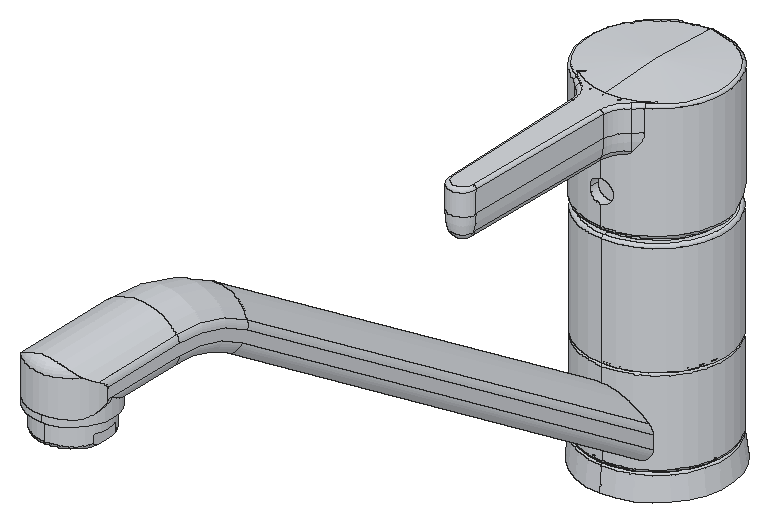
Revit family "Faucet-Kitchen-KOHLER-Viteo-45726W_1", category Plumbing Fixtures, host Face, Revit 2017
Family settings
  Host = Face
  Round Connector Dimension = Use Diameter
  Part Type = Normal
  OmniClass Number = 23.31.11.00
  OmniClass Title = Faucets
  Cut with Voids When Loaded = No
  Shared = No
  Room Calculation Point = No
Parameters (values of type "CP-Polished Chrome")
  Width = 1 119/128"  # constant formula
  WaterSense Certified = 1 = 0  # no
  Waste Water Outlet = "Waste Water Outlet"  # constant formula
  Waste Connection = 1 = 0  # no
  Vent Connection = 1 = 0  # no
  URL = "https://www.kohler.co.uk/"
  Type = 1
  Spout Reach = 9 27/32"  # constant formula
  Product Page URL = "https://www.kohler.co.uk/kitchen-taps/single-lever-tap/viteo-single-lever-tap/"
  Product Name = "Viteo"  # constant formula
  Product Documentation Link = ""
  Pressure = 0.00 psi
  Model = "45726W-4-CP"  # constant formula
  Material = "Premium Metal Construction"  # constant formula
  Master Format 2014 Name = "Residential Faucets, Supplies, and Trim"  # constant formula
  Master Format 2014 = "22 41 39"  # constant formula
  Manufacturer Address = "Cromwell Road, Cheltenham, Gloucestershire. GL52 5EP Registered in England No. 252115"  # constant formula
  Manufacturer = "KOHLER Co."  # constant formula
  Length = Spout Reach  # 9 27/32"
  Hot Water Inlet = "Hot Water Inlet"  # constant formula
  Height = 5 191/256"  # constant formula
  Handle Clearance = 3 29/64"  # constant formula
  HW Connection = 1 = 1  # yes
  Flow Rate = 0 GPM
  Finish = Kohler-Metal-CP-Polished_Chrome
  Environmental Product Declaration = ""
  Drain Included = 1 = 0  # no
  Description = "single-lever tap"  # constant formula
  Default Elevation = 36"
  Declare Label = ""
  Date Modified = "07/30/2020"  # constant formula
  Date Created = "07/30/2020"  # constant formula
  Copyright = "Copyright KOHLER Co."  # constant formula
  Contact Us = "https://www.kohler.co.uk/support/contact/"
  Cold Water Inlet = "Cold Water Inlet"  # constant formula
  CW Connection = 1 = 1  # yes
  Assembly Code = "D2010"
  ADA Compliant = 1 = 0  # no
Reference planes (in)
  plane 1 "Center (Front/Back)": y = 0
  plane 2: z = 0
  plane 3 "Center (Left/Right)": x = 0
  plane 4: y = -9.84375
  plane 5: y = -0.96457
  plane 6: y = -3.45313
  plane 7: y = 0.96457
  plane 8: x = 0.96457
  plane 9: x = 0.38405
  plane 10: x = -0.96512
  plane 11: x = -0.38405
  plane 12: z = 5.74609
  plane 13: z = 4.83622
  plane 14: z = 4.68504
  plane 15: y = -9.29095
  plane 16: y = -10.39409
  plane 17: x = -0.55157
  plane 18: x = 0.55157
Dimensions and locks (in)
  "Height": level to plane 12
  "Handle Clearance": plane 1 "Center (Front/Back)" to plane 6
  "Spout Reach": plane 1 "Center (Front/Back)" to plane 4
  "Width": plane 10 to plane 8
  aligned and locked: plane 2 to host face
  aligned and locked: level to host face
Automatic sketch dimensions
  host sketch curve to host sketch curve = 96"  (x2)
Nested families (in)
  nested 1: "45726W" at (0, 0, 0), type "45726W"
Connectors (in)
  piping at (-0.38405, 0, 0), diameter 0.5, driven by "Flow Rate", driven by "HW Connection", driven by "Hot Water Inlet"
    settings: on nested 1, index 1, connector inside diameter 24", connector length 0", flow factor 0, pipe flow 0 GPM, pressure drop 0.00 psi, fitting loss kfactor 0, connector angle 0.00°, fixture units 0, engagement length 0", angle of deflection 0.00°, flow configuration 0, flow direction 1, fitting loss method 0, system type 19, joint type 0, gender type 0, connector reference index -1, connector utility 1, adjustable connector no, is connector primary yes, connector description "Hot Water Inlet"
  piping at (0.38405, 0, 0), diameter 0.5, driven by "Flow Rate", driven by "Cold Water Inlet", driven by "CW Connection"
    settings: on nested 1, index 2, connector inside diameter 24", connector length 0", flow factor 0, pipe flow 0 GPM, pressure drop 0.00 psi, fitting loss kfactor 0, connector angle 0.00°, fixture units 0, engagement length 0", angle of deflection 0.00°, flow configuration 0, flow direction 1, fitting loss method 0, system type 20, joint type 0, gender type 0, connector reference index -1, connector utility 1, adjustable connector no, is connector primary no, connector description "Cold Water Inlet"
Definition of nested family "45726W"
  Parameters (values of type "45726W")
    Material = none
  Reference planes (in)
    plane 1 "Center (Front/Back)": y = 0
    plane 2: z = 0
    plane 3 "Center (Left/Right)": x = 0
    plane 4: z = 4.68504
    plane 5: z = 5.74803
    plane 6: y = -9.84252
    plane 7: y = 0.96457
    plane 8: y = -0.96457
    plane 9: x = -0.96457
    plane 10: x = 0.96457
    plane 11: y = -3.45445
    plane 12: z = 4.83622
    plane 13: y = -10.39409
    plane 14: y = -9.29095
    plane 15: x = -0.38405
    plane 16: x = 0.38405
    plane 17: x = 0.55157
    plane 18: x = -0.55157
  Forms (in)
    Revolve 1, solid, material <- "Material", detail levels medium+fine
      sketch origin (0, 0, 0) x (0, 1, 0) y (0, 0, 1)
        loop
          line (0, 3.59843) -> (0, 0) -> (0.96457, 0) -> (0.92781, 0.31109)
          arc (0.92781, 0.31109) -> (0.9205, 0.3251) -> (0.90573, 0.33071) r 0.02223
          line (0.90573, 0.33071) -> (0.84927, 0.33071) -> (0.87358, 0.35039) -> (0.90445, 0.35039)
          arc (0.90445, 0.35039) -> (0.91913, 0.35647) -> (0.92521, 0.37115) r 0.02076
          line (0.92521, 0.37115) -> (0.92521, 1.51111)
          arc (0.92521, 1.51111) -> (0.91924, 1.52552) -> (0.90482, 1.5315) r 0.02039
          line (0.90482, 1.5315) -> (0.86925, 1.5315) -> (0.89445, 1.55118) -> (0.92521, 1.55118) -> (0.92521, 3.04724)
          arc (0.92521, 3.04724) -> (0.91368, 3.07508) -> (0.88584, 3.08661) r 0.03937
          line (0.88584, 3.08661) -> (0.81393, 3.08661)
          arc (0.81393, 3.08661) -> (0.77162, 3.34934) -> (0.64544, 3.58363) r 0.7996
          arc (0.64544, 3.58363) -> (0.63202, 3.59453) -> (0.61519, 3.59843) r 0.03833
          line (0.61519, 3.59843) -> (0, 3.59843)
        axis (0, 0) -> (0, 3.59843)
      angle from 0 to 360
    Revolve 2, solid, material <- "Material", detail levels medium+fine
      sketch origin (0, 0, 0) x (0, 1, 0) y (0, 0, 1)
        loop
          line (0, 4.83623) -> (0, 3.16445) -> (0.89698, 3.16445)
          arc (0.89698, 3.16445) -> (0.92482, 3.17598) -> (0.93635, 3.20382) r 0.03937
          line (0.93635, 3.20382) -> (0.93635, 4.74324)
          arc (0.93635, 4.74324) -> (0.9271, 4.7677) -> (0.90398, 4.77992) r 0.03696
          arc (0.90398, 4.77992) -> (0.45286, 4.82214) -> (0, 4.83623) r 7.28384
        axis (0, 3.16445) -> (0, 4.83623)
      angle from 0 to 360
    Extrusion 3, void
      sketch origin (0, 0, 0) x (0, 1, 0) y (0, 0, 1)
        loop
          line (0.99787, 3.58873) -> (0.19141, 3.22967)
          arc (0.19141, 3.22967) -> (0.0414, 3.18093) -> (-0.11546, 3.16445) r 0.75447
          line (-0.11546, 3.16445) -> (-0.50523, 3.16445) -> (-0.50523, 3.10507) -> (0.99787, 3.10507) -> (0.99787, 3.58873)
      from -1.27764 to 1.49885
    Sweep 4, solid, material <- "Material", detail levels medium+fine
      path origin (0, 0, 0) x (1, 0, 0) y (0, 1, 0)
        loop
          arc (-0.56397, -0.69573) -> (-0.47327, -0.8059) -> (-0.36642, -0.90048) r 0.90676
          arc (-0.36642, -0.90048) -> (-0.26096, -1.02613) -> (-0.22123, -1.18529) r 0.36479
          line (-0.22123, -1.18529) -> (-0.18394, -3.27376)
          arc (-0.18394, -3.27376) -> (0, -3.45445) -> (0.18394, -3.27376) r 0.18397
          line (0.18394, -3.27376) -> (0.22123, -1.18529)
          arc (0.22123, -1.18529) -> (0.26096, -1.02613) -> (0.36642, -0.90048) r 0.36479
          arc (0.36642, -0.90048) -> (0.47327, -0.8059) -> (0.56397, -0.69573) r 0.90676
      profile origin (0, -3.45445, 0) x (0, 1, 0) y (0, 0, 1)
        loop
          line (0, 4.73805) -> (0, 4.44614)
          arc (0, 4.44614) -> (0.00734, 4.33027) -> (0.02923, 4.21626) r 0.91855
          arc (0.02923, 4.21626) -> (0.06691, 4.15905) -> (0.13172, 4.13689) r 0.10586
          line (0.13172, 4.13689) -> (0.18384, 4.13689) -> (0.18384, 4.78303) -> (0.04497, 4.78303)
          arc (0.04497, 4.78303) -> (0.01317, 4.76985) -> (0, 4.73805) r 0.04497
    Extrusion 5, solid, material <- "Material", detail levels medium+fine
      sketch origin (0, 0, 0) x (1, 0, 0) y (0, 1, 0)
        loop
          arc (0.03742, -1.18201) -> (0.09718, -0.94264) -> (0.25579, -0.75366) r 0.54862
          line (0.25579, -0.75366) -> (-0.25579, -0.75366)
          arc (-0.25579, -0.75366) -> (-0.09718, -0.94264) -> (-0.03742, -1.18201) r 0.54862
          line (-0.03742, -1.18201) -> (0, -3.27778) -> (0.03742, -1.18201)
      from 4.13689 to 4.78303
    Sweep 6, solid, material <- "Material", detail levels medium+fine
      path origin (0, 0, 0) x (0, 1, 0) y (0, 0, 1)
        loop
          line (-0.28293, 0.91521) -> (-7.40835, 5.36767)
          arc (-7.40835, 5.36767) -> (-8.04487, 5.65106) -> (-8.73484, 5.74803) r 2.50319
          line (-8.73484, 5.74803) -> (-10.44038, 5.74803)
      profile origin (0, -8.73484, 5.74803) x (0, 0, -1) y (1, 0, 0)
        loop
          arc (0.49606, -0.54503) -> (0.60742, -0.4989) -> (0.65354, -0.38755) r 0.15748
          line (0.65354, -0.38755) -> (0.65354, 0.38755)
          arc (0.65354, 0.38755) -> (0.60742, 0.4989) -> (0.49606, 0.54503) r 0.15748
          line (0.49606, 0.54503) -> (0.34577, 0.54503)
          arc (0.34577, 0.54503) -> (0.29427, 0.53637) -> (0.24844, 0.51135) r 0.15748
          arc (0.24844, 0.51135) -> (0, 0) -> (0.24844, -0.51135) r 0.65047
          arc (0.24844, -0.51135) -> (0.29427, -0.53637) -> (0.34577, -0.54503) r 0.15748
          line (0.34577, -0.54503) -> (0.49606, -0.54503)
    Revolve 7, solid, material <- "Material", detail levels medium+fine
      sketch origin (0, 0, 0) x (0, 1, 0) y (0, 0, 1)
        loop
          line (-9.84252, 5.30899) -> (-10.3864, 5.30899) -> (-10.3864, 4.99606) -> (-10.31445, 4.99606) -> (-10.31445, 4.72441)
          arc (-10.31445, 4.72441) -> (-10.30292, 4.69657) -> (-10.27508, 4.68504) r 0.03937
          line (-10.27508, 4.68504) -> (-10.2376, 4.68504) -> (-10.2376, 4.96827) -> (-10.19252, 4.96827) -> (-10.19252, 4.76134) -> (-9.84252, 4.76134) -> (-9.84252, 5.30899)
        axis (-9.84252, 4.68504) -> (-9.84252, 5.30899)
      angle from 0 to 360
    Revolve 8, void
      sketch origin (0, 0, 0) x (0, 1, 0) y (0, 0, 1)
        loop
          line (-10.2366, 5.75726) -> (-10.7874, 5.75726) -> (-10.7874, 5.04626) -> (-10.39409, 5.04626) -> (-10.39409, 5.59055)
          arc (-10.39409, 5.59055) -> (-10.34849, 5.70522) -> (-10.2366, 5.75726) r 0.16698
        axis (-9.84252, 5.04626) -> (-9.84252, 5.75726)
      angle from 90 to -90
    Extrusion 9, void
      sketch origin (0, 0, 0) x (1, 0, 0) y (0, 0, 1)
        loop
          line (-0.43402, 4.84387) -> (-0.52148, 4.84387) -> (-0.52148, 4.66479) -> (-0.43402, 4.66479) -> (-0.43402, 4.84387)
        loop
          line (0.43402, 4.84387) -> (0.43402, 4.66479) -> (0.52148, 4.66479) -> (0.52148, 4.84387) -> (0.43402, 4.84387)
      from 9.65591 to 10.02913
    Extrusion 10, solid, material <- "Material", detail levels medium+fine
      sketch origin (0, 0, 0) x (1, 0, 0) y (0, 1, 0)
        loop
          circle (-0.38405, 0) r 0.11811
        loop
          circle (0.38405, 0) r 0.11811
      from 0 to 0.11811
    Extrusion 11, solid, material <- "Material", detail levels coarse
      sketch origin (0, 0, 0) x (1, 0, 0) y (0, 1, 0)
        loop
          circle (0, 0) r 0.98425
      from 0 to 4.83622
    Extrusion 12, solid, material <- "Material", detail levels coarse
      sketch origin (0, 0, 0) x (1, 0, 0) y (0, 1, 0)
        loop
          line (-0.22123, -1.18529) -> (-0.18394, -3.27376)
          arc (-0.18394, -3.27376) -> (0, -3.45445) -> (0.18394, -3.27376) r 0.18397
          line (0.18394, -3.27376) -> (0.22123, -1.18529)
          arc (0.22123, -1.18529) -> (0.28744, -0.86807) -> (0.46547, -0.59729) r 0.86733
          line (0.46547, -0.59729) -> (-0.46547, -0.59729)
          arc (-0.46547, -0.59729) -> (-0.28744, -0.86807) -> (-0.22123, -1.18529) r 0.86733
      from 4.13689 to 4.83622
    Extrusion 13, solid, material <- "Material", detail levels coarse
      sketch origin (0, 0, 0) x (0, 1, 0) y (0, 0, 1)
        loop
          line (-7.75259, 4.81216) -> (-0.55916, 0.3172) -> (-0.55916, 1.08782) -> (-7.40835, 5.36767)
          arc (-7.40835, 5.36767) -> (-8.04487, 5.65106) -> (-8.73484, 5.74803) r 2.50319
          line (-8.73484, 5.74803) -> (-10.39409, 5.74803) -> (-10.39409, 5.09381) -> (-8.73484, 5.09381)
          arc (-8.73484, 5.09381) -> (-8.22392, 5.02201) -> (-7.75259, 4.81216) r 1.85358
      from -0.55118 to 0.55118
    Extrusion 14, solid, material <- "Material", detail levels coarse
      sketch origin (0, 0, 0) x (1, 0, 0) y (0, 1, 0)
        loop
          circle (0, -9.84252) r 0.54388
      from 4.68504 to 5.32342
    Extrusion 15, void
      sketch origin (0, 0, -0.203) x (1, 0, 0) y (0, 0, 1)
        loop
          circle (0, 3.83414) r 0.15748
      from 0.80319 to 1.03392
  Cuts and joins
    joined: Sweep 4, Extrusion 5
    Extrusion 3, Extrusion 15 cuts Revolve 2
    Revolve 8 cuts Sweep 6
    Extrusion 9 cuts Revolve 7
    joined: Revolve 1, Revolve 2, Sweep 6, Revolve 7
    joined: Extrusion 11, Extrusion 12, Extrusion 13, Extrusion 14
  Lines and regions (in)
    Masking region 1
      outline origin (0, 0, 0) x (0, 1, 0) y (0, 0, 1)
        loop
          arc (0.81393, 3.08661) -> (0.79123, 3.28189) -> (0.72157, 3.46572) r 0.7996
          line (0.72157, 3.46572) -> (0.93635, 3.56135) -> (0.93635, 4.74324)
          arc (0.93635, 4.74324) -> (0.9271, 4.7677) -> (0.90398, 4.77992) r 0.03696
          arc (0.90398, 4.77992) -> (0.01271, 4.83622) -> (-0.87875, 4.78303) r 7.28384
          line (-0.87875, 4.78303) -> (-3.40947, 4.78303)
          arc (-3.40947, 4.78303) -> (-3.44127, 4.76985) -> (-3.45445, 4.73805) r 0.04497
          line (-3.45445, 4.73805) -> (-3.45445, 4.44614)
          arc (-3.45445, 4.44614) -> (-3.44711, 4.33027) -> (-3.42521, 4.21626) r 0.91855
          arc (-3.42521, 4.21626) -> (-3.38754, 4.15905) -> (-3.32273, 4.13689) r 0.10586
          line (-3.32273, 4.13689) -> (-1.1786, 4.13689)
          arc (-1.1786, 4.13689) -> (-1.00731, 4.06594) -> (-0.93635, 3.89464) r 0.24225
          line (-0.93635, 3.89464) -> (-0.93635, 3.78862)
          arc (-0.93635, 3.78862) -> (-0.92301, 3.63115) -> (-0.93635, 3.47368) r 0.9359
          line (-0.93635, 3.47368) -> (-0.93635, 3.20698)
          arc (-0.93635, 3.20698) -> (-0.9239, 3.1769) -> (-0.89382, 3.16445) r 0.04253
          line (-0.89382, 3.16445) -> (-0.81072, 3.16445)
          arc (-0.81072, 3.16445) -> (-0.81327, 3.12557) -> (-0.81393, 3.08661) r 0.7996
          line (-0.81393, 3.08661) -> (-0.88584, 3.08661)
          arc (-0.88584, 3.08661) -> (-0.91368, 3.07508) -> (-0.92521, 3.04724) r 0.03937
          line (-0.92521, 3.04724) -> (-0.92521, 1.55118) -> (-0.89445, 1.55118) -> (-0.86925, 1.5315) -> (-0.90482, 1.5315)
          arc (-0.90482, 1.5315) -> (-0.91924, 1.52552) -> (-0.92521, 1.51111) r 0.02039
          line (-0.92521, 1.51111) -> (-0.92521, 1.31655) -> (-7.40835, 5.36767)
          arc (-7.40835, 5.36767) -> (-8.04487, 5.65106) -> (-8.73484, 5.74803) r 2.50319
          line (-8.73484, 5.74803) -> (-10.28406, 5.74803)
          arc (-10.28406, 5.74803) -> (-10.36132, 5.69179) -> (-10.39409, 5.60202) r 0.1639
          line (-10.39409, 5.60202) -> (-10.39409, 4.99606) -> (-10.31445, 4.99606) -> (-10.31445, 4.72441)
          arc (-10.31445, 4.72441) -> (-10.30292, 4.69657) -> (-10.27508, 4.68504) r 0.03937
          line (-10.27508, 4.68504) -> (-9.40996, 4.68504)
          arc (-9.40996, 4.68504) -> (-9.38212, 4.69657) -> (-9.37059, 4.72441) r 0.03937
          line (-9.37059, 4.72441) -> (-9.37059, 4.99606) -> (-9.29095, 4.99606) -> (-9.29095, 5.09381) -> (-8.73484, 5.09381)
          arc (-8.73484, 5.09381) -> (-8.22392, 5.02201) -> (-7.75259, 4.81216) r 1.85358
          line (-7.75259, 4.81216) -> (-0.92521, 0.54594) -> (-0.92521, 0.37115)
          arc (-0.92521, 0.37115) -> (-0.91913, 0.35647) -> (-0.90445, 0.35039) r 0.02076
          line (-0.90445, 0.35039) -> (-0.87358, 0.35039) -> (-0.84927, 0.33071) -> (-0.90573, 0.33071)
          arc (-0.90573, 0.33071) -> (-0.9205, 0.3251) -> (-0.92781, 0.31109) r 0.02223
          line (-0.92781, 0.31109) -> (-0.96457, 0) -> (0.96457, 0) -> (0.92781, 0.31109)
          arc (0.92781, 0.31109) -> (0.9205, 0.3251) -> (0.90573, 0.33071) r 0.02223
          line (0.90573, 0.33071) -> (0.84927, 0.33071) -> (0.87358, 0.35039) -> (0.90445, 0.35039)
          arc (0.90445, 0.35039) -> (0.91913, 0.35647) -> (0.92521, 0.37115) r 0.02076
          line (0.92521, 0.37115) -> (0.92521, 1.51111)
          arc (0.92521, 1.51111) -> (0.91924, 1.52552) -> (0.90482, 1.5315) r 0.02039
          line (0.90482, 1.5315) -> (0.86925, 1.5315) -> (0.89445, 1.55118) -> (0.92521, 1.55118) -> (0.92521, 3.04724)
          arc (0.92521, 3.04724) -> (0.91368, 3.07508) -> (0.88584, 3.08661) r 0.03937
          line (0.88584, 3.08661) -> (0.81393, 3.08661)
    Masking region 2
      outline origin (0, 0, 0) x (1, 0, 0) y (0, 1, 0)
        loop
          arc (0.55157, -0.79131) -> (0, 0.96457) -> (-0.55157, -0.79131) r 0.96457
          line (-0.55157, -0.79131) -> (-0.55157, -9.84252)
          arc (-0.55157, -9.84252) -> (0, -10.39409) -> (0.55157, -9.84252) r 0.55157
          line (0.55157, -9.84252) -> (0.55157, -0.79131)
    Masking region 3
      outline origin (0, 0, 0) x (1, 0, 0) y (0, 0, 1)
        loop
          line (-0.89445, 1.55118) -> (-0.86925, 1.5315) -> (-0.90482, 1.5315)
          arc (-0.90482, 1.5315) -> (-0.91924, 1.52552) -> (-0.92521, 1.51111) r 0.02039
          line (-0.92521, 1.51111) -> (-0.92521, 0.37115)
          arc (-0.92521, 0.37115) -> (-0.91913, 0.35647) -> (-0.90445, 0.35039) r 0.02076
          line (-0.90445, 0.35039) -> (-0.87358, 0.35039) -> (-0.84927, 0.33071) -> (-0.90573, 0.33071)
          arc (-0.90573, 0.33071) -> (-0.9205, 0.3251) -> (-0.92781, 0.31109) r 0.02223
          line (-0.92781, 0.31109) -> (-0.96457, 0) -> (0.96457, 0) -> (0.92781, 0.31109)
          arc (0.92781, 0.31109) -> (0.9205, 0.3251) -> (0.90573, 0.33071) r 0.02223
          line (0.90573, 0.33071) -> (0.84927, 0.33071) -> (0.87358, 0.35039) -> (0.90445, 0.35039)
          arc (0.90445, 0.35039) -> (0.91913, 0.35647) -> (0.92521, 0.37115) r 0.02076
          line (0.92521, 0.37115) -> (0.92521, 1.51111)
          arc (0.92521, 1.51111) -> (0.91924, 1.52552) -> (0.90482, 1.5315) r 0.02039
          line (0.90482, 1.5315) -> (0.86925, 1.5315) -> (0.89445, 1.55118) -> (0.92521, 1.55118) -> (0.92521, 3.04724)
          arc (0.92521, 3.04724) -> (0.91368, 3.07508) -> (0.88584, 3.08661) r 0.03937
          line (0.88584, 3.08661) -> (0.81393, 3.08661)
          arc (0.81393, 3.08661) -> (0.81327, 3.12557) -> (0.81072, 3.16445) r 0.7996
          line (0.81072, 3.16445) -> (0.89382, 3.16445)
          arc (0.89382, 3.16445) -> (0.9239, 3.1769) -> (0.93635, 3.20698) r 0.04253
          line (0.93635, 3.20698) -> (0.93635, 4.74324)
          arc (0.93635, 4.74324) -> (0.9271, 4.7677) -> (0.90398, 4.77992) r 0.03696
          arc (0.90398, 4.77992) -> (0.72473, 4.80009) -> (0.54503, 4.81581) r 7.28384
          line (0.54503, 4.81581) -> (0.54503, 5.40226)
          arc (0.54503, 5.40226) -> (0.53637, 5.45376) -> (0.51135, 5.4996) r 0.15748
          arc (0.51135, 5.4996) -> (0, 5.74803) -> (-0.51135, 5.4996) r 0.65047
          arc (-0.51135, 5.4996) -> (-0.53637, 5.45376) -> (-0.54503, 5.40226) r 0.15748
          line (-0.54503, 5.40226) -> (-0.54503, 4.81581)
          arc (-0.54503, 4.81581) -> (-0.72473, 4.80009) -> (-0.90398, 4.77992) r 7.28384
          arc (-0.90398, 4.77992) -> (-0.9271, 4.7677) -> (-0.93635, 4.74324) r 0.03696
          line (-0.93635, 4.74324) -> (-0.93635, 3.20698)
          arc (-0.93635, 3.20698) -> (-0.9239, 3.1769) -> (-0.89382, 3.16445) r 0.04253
          line (-0.89382, 3.16445) -> (-0.81072, 3.16445)
          arc (-0.81072, 3.16445) -> (-0.81327, 3.12557) -> (-0.81393, 3.08661) r 0.7996
          line (-0.81393, 3.08661) -> (-0.88584, 3.08661)
          arc (-0.88584, 3.08661) -> (-0.91368, 3.07508) -> (-0.92521, 3.04724) r 0.03937
          line (-0.92521, 3.04724) -> (-0.92521, 1.55118) -> (-0.89445, 1.55118)
    symbolic lines, detail levels medium+fine
      curve 1: line (0, 0.81393, 3.08661) -> (0, -0.81393, 3.08661)
      curve 2: line (0, 0.19141, 3.22967) -> (0, 0.72157, 3.46572)
      curve 3: arc (0, 0.19141, 3.22967) -> (0, 0.0414, 3.18093) -> (0, -0.11546, 3.16445) r 0.75447
      curve 4: line (0, -0.11546, 3.16445) -> (0, -0.81072, 3.16445)
      curve 5: line (0, 0.89445, 1.55118) -> (0, -0.89445, 1.55118)
      curve 6: line (0, 0.86925, 1.5315) -> (0, -0.86925, 1.5315)
      curve 7: line (0, 0.84927, 0.33071) -> (0, -0.84927, 0.33071)
      curve 8: line (0, 0.87358, 0.35039) -> (0, -0.87358, 0.35039)
      curve 9: line (0, -0.92521, 1.31655) -> (0, -0.77178, 0.92909)
      curve 10: spline (0, -0.74763, 0.79906) -> (0, -0.74817, 0.81058) -> (0, -0.74898, 0.82205) -> (0, -0.75006, 0.83346) -> (0, -0.75143, 0.84477) -> (0, -0.75306, 0.85597) -> (0, -0.75497, 0.86702) -> (0, -0.75714, 0.87791) -> (0, -0.75957, 0.88861) -> (0, -0.76225, 0.8991) -> (0, -0.76519, 0.90936) -> (0, -0.76837, 0.91936) -> (0, -0.77178, 0.92909)
      curve 11: line (0, -0.74763, 0.79906) -> (0, -0.74763, 0.61749)
      curve 12: spline (0, -0.83978, 0.4941) -> (0, -0.83102, 0.48799) -> (0, -0.82165, 0.48526) -> (0, -0.81192, 0.48597) -> (0, -0.80208, 0.49012) -> (0, -0.79239, 0.49758) -> (0, -0.78309, 0.50818) -> (0, -0.77443, 0.52163) -> (0, -0.76663, 0.53759) -> (0, -0.75989, 0.55564) -> (0, -0.75439, 0.57532) -> (0, -0.75027, 0.59611) -> (0, -0.74763, 0.61749)
      curve 13: line (0, -0.92521, 0.54594) -> (0, -0.83951, 0.49238)
      curve 14: line (0, -9.37059, 4.99606) -> (0, -10.31445, 4.99606)
      curve 15: line (0, -9.29095, 5.09381) -> (0, -9.4458, 5.09381)
      curve 16: line (0, -9.65721, 4.84387) -> (0, -10.02783, 4.84387)
      curve 17: line (0, -9.65721, 4.72441) -> (0, -9.65721, 4.84387)
      curve 18: line (0, -10.02783, 4.84387) -> (0, -10.02783, 4.72441)
      curve 19: line (0, -10.02783, 4.72441) -> (0, -9.65721, 4.72441)
      curve 20: line (0, -9.37059, 4.72441) -> (0, -9.65721, 4.72441)
      curve 21: line (0, -10.31445, 4.72441) -> (0, -10.02783, 4.72441)
      curve 22: line (-0.22123, -1.18529, 0) -> (-0.18394, -3.27376, 0)
      curve 23: arc (-0.36642, -0.90048, 0) -> (-0.26096, -1.02613, 0) -> (-0.22123, -1.18529, 0) r 0.36479
      curve 24: line (0.22123, -1.18529, 0) -> (0.18394, -3.27376, 0)
      curve 25: arc (0.36642, -0.90048, 0) -> (0.26096, -1.02613, 0) -> (0.22123, -1.18529, 0) r 0.36479
      curve 26: arc (-0.18394, -3.27376, 0) -> (0, -3.45445, 0) -> (0.18394, -3.27376, 0) r 0.18397
      curve 27: arc (0.58868, -0.73053, 0) -> (0, 0.9382, 0) -> (-0.58868, -0.73053, 0) r 0.9382
      curve 28: arc (-0.58868, -0.73053, 0) -> (-0.47785, -0.81589, 0) -> (-0.36642, -0.90048, 0) r 19.8634
      curve 29: arc (0.58868, -0.73053, 0) -> (0.47785, -0.81589, 0) -> (0.36642, -0.90048, 0) r 19.8634
      curve 30: line (-0.55157, -0.79131, 0) -> (-0.55157, -0.75925, 0)
      curve 31: line (0.55157, -0.79131, 0) -> (0.55157, -0.75925, 0)
      curve 32: line (-0.43402, 0, 4.68509) -> (-0.43402, 0, 4.84387)
      curve 33: line (0.47193, 0, 4.84387) -> (-0.47193, 0, 4.84387)
      curve 34: line (-0.47193, 0, 4.84387) -> (-0.47193, 0, 4.99606)
      curve 35: line (-0.43402, 0, 4.72441) -> (0.43402, 0, 4.72441)
      curve 36: line (-0.54503, 0, 4.81581) -> (-0.54503, 0, 0.63358)
      curve 37: spline (-0.54503, 0, 0.63358) -> (-0.5454, 0, 0.612) -> (-0.54279, 0, 0.59061) -> (-0.53728, 0, 0.56996) -> (-0.529, 0, 0.55058) -> (-0.51817, 0, 0.53298) -> (-0.50507, 0, 0.51761) -> (-0.49004, 0, 0.50487) -> (-0.47347, 0, 0.4951) -> (-0.45579, 0, 0.48854) -> (-0.43746, 0, 0.48536) -> (-0.41894, 0, 0.48565) -> (-0.40073, 0, 0.4894)
      curve 38: spline (-0.40057, 0, 0.48886) -> (-0.3699, 0, 0.49774) -> (-0.33853, 0, 0.50592) -> (-0.30653, 0, 0.51336) -> (-0.27395, 0, 0.52007) -> (-0.24085, 0, 0.52603) -> (-0.2073, 0, 0.53122) -> (-0.17336, 0, 0.53564) -> (-0.13909, 0, 0.53928) -> (-0.10455, 0, 0.54213) -> (-0.06981, 0, 0.54419) -> (-0.03494, 0, 0.54545) -> (0, 0, 0.54591)
      curve 39: spline (0, 0, 0.54591) -> (0.03482, 0, 0.54545) -> (0.06957, 0, 0.5442) -> (0.10419, 0, 0.54215) -> (0.13861, 0, 0.53932) -> (0.17277, 0, 0.53571) -> (0.2066, 0, 0.53132) -> (0.24005, 0, 0.52616) -> (0.27304, 0, 0.52025) -> (0.30553, 0, 0.51358) -> (0.33744, 0, 0.50618) -> (0.36872, 0, 0.49807) -> (0.39932, 0, 0.48924)
      curve 40: spline (0.39952, 0, 0.48991) -> (0.41833, 0, 0.48592) -> (0.43733, 0, 0.48526) -> (0.45604, 0, 0.48796) -> (0.474, 0, 0.49394) -> (0.49075, 0, 0.50305) -> (0.50587, 0, 0.51506) -> (0.51898, 0, 0.52967) -> (0.52975, 0, 0.54652) -> (0.53791, 0, 0.56518) -> (0.54325, 0, 0.58518) -> (0.54565, 0, 0.60601) -> (0.54503, 0, 0.62716)
      curve 41: line (0.54503, 0, 4.81581) -> (0.54503, 0, 0.62716)
      curve 42: line (-0.43402, 0, 4.68509) -> (0.43402, 0, 4.68509)
      curve 43: line (-0.54503, 0, 4.99606) -> (0.54503, 0, 4.99606)
      curve 44: line (0.43402, 0, 4.68509) -> (0.43402, 0, 4.84387)
      curve 45: line (0.47193, 0, 4.84387) -> (0.47193, 0, 4.99606)
      curve 46: line (-0.81072, 0, 3.16445) -> (-0.54503, 0, 3.16445)
      curve 47: line (-0.81393, 0, 3.08661) -> (-0.54503, 0, 3.08661)
      curve 48: line (-0.89445, 0, 1.55118) -> (-0.54503, 0, 1.55118)
      curve 49: line (-0.86925, 0, 1.5315) -> (-0.54503, 0, 1.5315)
      curve 50: line (-0.87358, 0, 0.35039) -> (0.87358, 0, 0.35039)
      curve 51: line (-0.84927, 0, 0.33071) -> (0.84927, 0, 0.33071)
      curve 52: line (0.81072, 0, 3.16445) -> (0.54503, 0, 3.16445)
      curve 53: line (0.81393, 0, 3.08661) -> (0.54503, 0, 3.08661)
      curve 54: line (0.89445, 0, 1.55118) -> (0.54503, 0, 1.55118)
      curve 55: line (0.86925, 0, 1.5315) -> (0.54503, 0, 1.5315)
  Dimensions and locks (in)
    locked: plane 4 to level at 4.68504
    locked: plane 5 to level at 5.74803
    locked: plane 1 "Center (Front/Back)" to plane 6 at 9.84252
    aligned and locked: plane 2 to level
